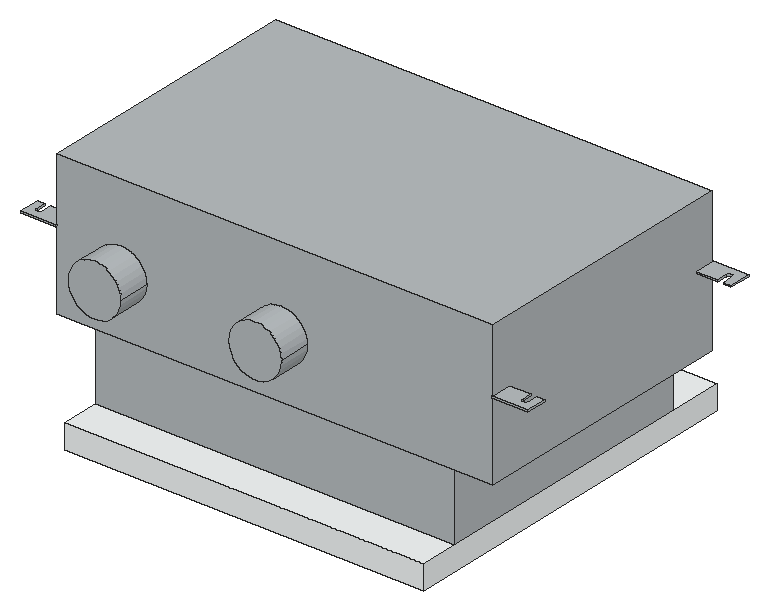
Revit family "lgh-n15_50cx3(d)_cs3(d)_60Hz", category 機械設備, Revit 2019
Family settings
  丸型コネクタ寸法 = 直径を使用
  パーツ タイプ = 標準
  OmniClass 番号 = 23.75.10.34.21
  OmniClass タイトル = Heat Exchangers for Ventilation Air
  作業面ベース = いいえ
  常に垂直 = はい
  ロード時にボイドで切り取り = いいえ
  共有 = いいえ
  部屋計算ポイント = はい
Parameters (values of type "LGH-N15CS3")
  騒音レベル(dB(A)) = 29
  風量 = 150.0 m³/h
  面風速 = 5.31 m/s
  電源種別 [instance] = "一般"
  電圧 = 100 V
  電動機出力 = 0 W
  集中コントローラ = ""
  運転質量 = 0.00 kg
  連動 [instance] = ""
  質量 = if(製品質量 > 運転質量, 製品質量, 運転質量) * 1.2  # 21.60 kg
  負荷分類 = 3_ファン類
  説明 = "業務用ロスナイ 天井カセット形"
  設計風量 = 0.0 m³/h
  設置方法 = "カセット形"
  記号 [instance] = ""
  製造元 = "三菱電機株式会社"
  製品質量 = 18.00 kg
  製品出荷対象 = "国内"
  製品リリース年月 = "2023/3/14"
  製品グループ = ""
  系統 [instance] = ""
  符号 = "HEU"
  積算_科目 = "1 空気調和設備"
  積算_拾い区分 [instance] = ""
  相 = 1
  盤記号 [instance] = ""
  発停方法 [instance] = "別売リモコン"
  特殊仕様 [instance] = ""
  火災停止 [instance] = ""
  温度交換効率 = 73.00%
  消費電力 = 80 W
  法定耐用年数 = "15"
  機外静圧_排気 = 80.0 Pa
  機外静圧 = 80.0 Pa
  構成部品 = "インテリアパネル"
  極数 = 1
  材質 [instance] = ""
  本体マテリアル = 溶融亜鉛めっき鋼板
  操作・制御方式 = ""
  操作・制御スイッチ = ""
  排気量 = 0.0 m³/h
  形式 = "カセット形"
  幹線記号 [instance] = ""
  対象室 [instance] = ""
  実風量 = 0.0 m³/h
  始動方式 [instance] = "直入"
  天吊金具ピッチ2 = 475 mm
  天吊金具ピッチ1 = 908 mm
  天吊金具_高さ = 118 mm
  天吊金具_径 = 5.5 mm
  天吊金具_幅 = 20 mm
  外気量 = 0.0 m³/h
  呼称 = "全熱交換ユニット"
  周波数 = 60 Hz
  参照している仕様書等のバージョン = ""
  初期抵抗 = 0.0 Pa
  分類コード = "50052504100080"
  分類グループ = ""
  価格 = 175000
  企業コード = "108420"
  付属品_フィルター_還気 = ""
  付属品_フィルター = ""
  付属品 [instance] = ""
  仕様書バージョン = "Version1.0"
  モデル = "LGH-N15CS3"
  パネルマテリアル = 樹脂成形
  ドレン管径 = 20 mm
  コメント [instance] = ""
  Keynote = ""
  エンタルピ交換効率_暖房 = 70.00%
  エンタルピ交換効率_冷房 = 64.00%
  SMAX風量 = 0.0 m³/h
  SMAX静圧 = 0.0 Pa
  Panel_Width = 670 mm
  Panel_Height = 45 mm
  Panel_Depth = 685 mm
  高さ調整可能範囲 = 125 mm
  Assembly Code = ""
  Width = 814 mm
  Version = ""
  Uniclass2015Version = "Systems v1.9"
  Uniclass2015Title = "Thermal wheels"
  Uniclass2015Code = "Pr_60_60_36_88"
  URL = "https://www.mitsubishielectric.co.jp/ldg/wink/qr/002/324107/"
  SpecificationReference = ""
  SpecificationDescription = ""
  Revision = ""
  ProductInformation = ""
  Panel_D = 103 mm
  OmniClassCode = "23-27 23 19 11"
  OAサイズ_W = 0 mm
  OAサイズ_D = 97.5 mm
  MIN風量 = 50.0 m³/h
  MIN静圧 = 9.0 Pa
  MID風量 = 75.0 m³/h
  MID静圧 = 20.0 Pa
  MAX風量 = 150.0 m³/h
  MAX静圧 = 80.0 Pa
  IfcTypeProduct = ""
  IfcProduct = ""
  IfcExportType = "ROTARYWHEEL"
  IfcExportAs = "IfcAirToAirHeatRecoveryType"
  Height = 268 mm
  EAサイズ_W = 0 mm
  EAサイズ_D = 97.5 mm
  Duct_W = 396 mm
  Duct_Pitch = 300 mm
  Duct_Height_OA = 156 mm
  Duct_Height_EA = 160 mm
  Duct_Depth = 60 mm
  Depth = 510 mm
  Author = "三菱電機株式会社"
Types (16, lengths in mm): name | 騒音レベル(dB(A)) | 風量 | 面風速 | 電圧 | 質量 | 製品質量 | 温度交換効率 | 消費電力 | 機外静圧_排気 | 機外静圧 | 天吊金具ピッチ2 | 天吊金具ピッチ1 | 天吊金具_高さ | 価格 | モデル | エンタルピ交換効率_暖房 | エンタルピ交換効率_冷房 | SMAX風量 | SMAX静圧 | Panel_Width | Panel_Depth | Width | URL | Panel_D | OAサイズ_D | MIN風量 | MIN静圧 | MID風量 | MID静圧 | MAX風量 | MAX静圧 | Height | EAサイズ_D | Duct_W | Duct_Pitch | Duct_Height_OA | Duct_Depth | Depth
  LGH-N15CX3 | 29 | 150.0 m³/h | 5.31 m/s | 100 V | 21.60 kg | 18.00 kg | 73.00% | 80 W | 80.0 Pa | 80.0 Pa | 475 | 908 | 118 | 242000 | "LGH-N15CX3" | 70.00% | 64.00% | 0.0 m³/h | 0.0 Pa | 670 | 685 | 814 | "https://www.mitsubishielectric.co.jp/ldg/wink/qr/002/324104/" | 103 | 97.5 | 50.0 m³/h | 9.0 Pa | 75.0 m³/h | 20.0 Pa | 150.0 m³/h | 80.0 Pa | 268 | 97.5 | 396 | 300 | 156 | 60 | 510
  LGH-N15CX3D | 29 | 150.0 m³/h | 5.31 m/s | 200 V | 21.60 kg | 18.00 kg | 73.00% | 80 W | 80.0 Pa | 80.0 Pa | 475 | 908 | 118 | 242000 | "LGH-N15CX3D" | 70.00% | 64.00% | 0.0 m³/h | 0.0 Pa | 670 | 685 | 814 | "https://www.mitsubishielectric.co.jp/ldg/wink/qr/002/324103/" | 103 | 97.5 | 45.0 m³/h | 7.0 Pa | 90.0 m³/h | 29.0 Pa | 150.0 m³/h | 80.0 Pa | 268 | 97.5 | 396 | 300 | 156 | 60 | 510
  LGH-N15CS3 | 29 | 150.0 m³/h | 5.31 m/s | 100 V | 21.60 kg | 18.00 kg | 73.00% | 80 W | 80.0 Pa | 80.0 Pa | 475 | 908 | 118 | 175000 | "LGH-N15CS3" | 70.00% | 64.00% | 0.0 m³/h | 0.0 Pa | 670 | 685 | 814 | "https://www.mitsubishielectric.co.jp/ldg/wink/qr/002/324107/" | 103 | 97.5 | 50.0 m³/h | 9.0 Pa | 75.0 m³/h | 20.0 Pa | 150.0 m³/h | 80.0 Pa | 268 | 97.5 | 396 | 300 | 156 | 60 | 510
  LGH-N15CS3D | 29 | 150.0 m³/h | 5.31 m/s | 200 V | 21.60 kg | 18.00 kg | 73.00% | 80 W | 80.0 Pa | 80.0 Pa | 475 | 908 | 118 | 175000 | "LGH-N15CS3D" | 70.00% | 64.00% | 0.0 m³/h | 0.0 Pa | 670 | 685 | 814 | "https://www.mitsubishielectric.co.jp/ldg/wink/qr/002/324105/" | 103 | 97.5 | 45.0 m³/h | 7.0 Pa | 90.0 m³/h | 29.0 Pa | 150.0 m³/h | 80.0 Pa | 268 | 97.5 | 396 | 300 | 156 | 60 | 510
  LGH-N25CX3 | 32 | 250.0 m³/h | 3.93 m/s | 100 V | 21.60 kg | 18.00 kg | 70.50% | 128 W | 80.0 Pa | 80.0 Pa | 475 | 908 | 118 | 259000 | "LGH-N25CX3" | 69.00% | 61.50% | 0.0 m³/h | 0.0 Pa | 670 | 685 | 814 | "https://www.mitsubishielectric.co.jp/ldg/wink/qr/002/324100/" | 103 | 142 | 100.0 m³/h | 13.0 Pa | 125.0 m³/h | 20.0 Pa | 250.0 m³/h | 80.0 Pa | 268 | 142 | 396 | 300 | 156 | 70 | 510
  LGH-N25CX3D | 32 | 250.0 m³/h | 3.93 m/s | 200 V | 21.60 kg | 18.00 kg | 70.50% | 127 W | 80.0 Pa | 80.0 Pa | 475 | 908 | 118 | 259000 | "LGH-N25CX3D" | 69.00% | 61.50% | 0.0 m³/h | 0.0 Pa | 670 | 685 | 814 | "https://www.mitsubishielectric.co.jp/ldg/wink/qr/002/324099/" | 103 | 142 | 90.0 m³/h | 10.0 Pa | 120.0 m³/h | 18.0 Pa | 250.0 m³/h | 80.0 Pa | 268 | 142 | 396 | 300 | 156 | 70 | 510
  LGH-N25CS3 | 32 | 250.0 m³/h | 3.93 m/s | 100 V | 21.60 kg | 18.00 kg | 70.50% | 128 W | 80.0 Pa | 80.0 Pa | 475 | 908 | 118 | 190000 | "LGH-N25CS3" | 69.00% | 61.50% | 0.0 m³/h | 0.0 Pa | 670 | 685 | 814 | "https://www.mitsubishielectric.co.jp/ldg/wink/qr/002/324102/" | 103 | 142 | 100.0 m³/h | 13.0 Pa | 125.0 m³/h | 20.0 Pa | 250.0 m³/h | 80.0 Pa | 268 | 142 | 396 | 300 | 156 | 70 | 510
  LGH-N25CS3D | 32 | 250.0 m³/h | 3.93 m/s | 200 V | 21.60 kg | 18.00 kg | 70.50% | 127 W | 80.0 Pa | 80.0 Pa | 475 | 908 | 118 | 190000 | "LGH-N25CS3D" | 69.00% | 61.50% | 0.0 m³/h | 0.0 Pa | 670 | 685 | 814 | "https://www.mitsubishielectric.co.jp/ldg/wink/qr/002/324101/" | 103 | 142 | 90.0 m³/h | 10.0 Pa | 120.0 m³/h | 18.0 Pa | 250.0 m³/h | 80.0 Pa | 268 | 142 | 396 | 300 | 156 | 70 | 510
  LGH-N35CX3 | 33 | 350.0 m³/h | 5.5 m/s | 100 V | 33.60 kg | 28.00 kg | 73.50% | 185 W | 105.0 Pa | 105.0 Pa | 540 | 1294 | 168 | 284000 | "LGH-N35CX3" | 71.00% | 64.50% | 350.0 m³/h | 105.0 Pa | 770 | 770 | 1202 | "https://www.mitsubishielectric.co.jp/ldg/wink/qr/002/324096/" | 107 | 142 | 130.0 m³/h | 1.0 Pa | 200.0 m³/h | 2.0 Pa | 350.0 m³/h | 5.0 Pa | 330 | 142 | 611 | 450 | 185 | 70 | 577
  LGH-N35CX3D | 33 | 350.0 m³/h | 5.5 m/s | 200 V | 33.60 kg | 28.00 kg | 73.50% | 185 W | 105.0 Pa | 105.0 Pa | 540 | 1294 | 168 | 284000 | "LGH-N35CX3D" | 71.00% | 64.50% | 350.0 m³/h | 105.0 Pa | 770 | 770 | 1202 | "https://www.mitsubishielectric.co.jp/ldg/wink/qr/002/324095/" | 107 | 142 | 130.0 m³/h | 1.0 Pa | 215.0 m³/h | 2.0 Pa | 350.0 m³/h | 5.0 Pa | 330 | 142 | 611 | 450 | 185 | 70 | 577
  LGH-N35CS3 | 33 | 350.0 m³/h | 5.5 m/s | 100 V | 33.60 kg | 28.00 kg | 73.50% | 185 W | 105.0 Pa | 105.0 Pa | 540 | 1294 | 168 | 206000 | "LGH-N35CS3" | 71.00% | 64.50% | 350.0 m³/h | 105.0 Pa | 770 | 770 | 1202 | "https://www.mitsubishielectric.co.jp/ldg/wink/qr/002/324098/" | 107 | 142 | 130.0 m³/h | 1.0 Pa | 200.0 m³/h | 2.0 Pa | 350.0 m³/h | 5.0 Pa | 330 | 142 | 611 | 450 | 185 | 70 | 577
  LGH-N35CS3D | 33 | 350.0 m³/h | 5.5 m/s | 200 V | 33.60 kg | 28.00 kg | 73.50% | 185 W | 105.0 Pa | 105.0 Pa | 540 | 1294 | 168 | 206000 | "LGH-N35CS3D" | 71.00% | 64.50% | 350.0 m³/h | 105.0 Pa | 770 | 770 | 1202 | "https://www.mitsubishielectric.co.jp/ldg/wink/qr/002/324097/" | 107 | 142 | 130.0 m³/h | 1.0 Pa | 215.0 m³/h | 2.0 Pa | 350.0 m³/h | 5.0 Pa | 330 | 142 | 611 | 450 | 185 | 70 | 577
  LGH-N50CX3 | 36 | 500.0 m³/h | 4.42 m/s | 100 V | 34.80 kg | 29.00 kg | 69.00% | 249 W | 110.0 Pa | 110.0 Pa | 540 | 1294 | 168 | 312000 | "LGH-N50CX3" | 67.00% | 60.50% | 500.0 m³/h | 110.0 Pa | 770 | 770 | 1202 | "https://www.mitsubishielectric.co.jp/ldg/wink/qr/002/324092/" | 107 | 192 | 190.0 m³/h | 1.0 Pa | 310.0 m³/h | 4.0 Pa | 500.0 m³/h | 10.0 Pa | 330 | 192 | 461 | 600 | 185 | 86 | 577
  LGH-N50CX3D | 36 | 500.0 m³/h | 4.42 m/s | 200 V | 34.80 kg | 29.00 kg | 69.00% | 268 W | 110.0 Pa | 110.0 Pa | 540 | 1294 | 168 | 312000 | "LGH-N50CX3D" | 67.00% | 60.50% | 500.0 m³/h | 110.0 Pa | 770 | 770 | 1202 | "https://www.mitsubishielectric.co.jp/ldg/wink/qr/002/324106/" | 107 | 192 | 190.0 m³/h | 1.0 Pa | 330.0 m³/h | 4.0 Pa | 500.0 m³/h | 10.0 Pa | 330 | 192 | 461 | 600 | 185 | 86 | 577
  LGH-N50CS3 | 36 | 500.0 m³/h | 4.42 m/s | 100 V | 34.80 kg | 29.00 kg | 69.00% | 249 W | 110.0 Pa | 110.0 Pa | 540 | 1294 | 168 | 226000 | "LGH-N50CS3" | 67.00% | 60.50% | 500.0 m³/h | 110.0 Pa | 770 | 770 | 1202 | "https://www.mitsubishielectric.co.jp/ldg/wink/qr/002/324094/" | 107 | 192 | 190.0 m³/h | 1.0 Pa | 310.0 m³/h | 4.0 Pa | 500.0 m³/h | 10.0 Pa | 330 | 192 | 461 | 600 | 185 | 86 | 577
  LGH-N50CS3D | 36 | 500.0 m³/h | 4.42 m/s | 200 V | 34.80 kg | 29.00 kg | 69.00% | 268 W | 110.0 Pa | 110.0 Pa | 540 | 1294 | 168 | 226000 | "LGH-N50CS3D" | 67.00% | 60.50% | 500.0 m³/h | 110.0 Pa | 770 | 770 | 1202 | "https://www.mitsubishielectric.co.jp/ldg/wink/qr/002/324093/" | 107 | 192 | 190.0 m³/h | 1.0 Pa | 330.0 m³/h | 4.0 Pa | 500.0 m³/h | 10.0 Pa | 330 | 192 | 461 | 600 | 185 | 86 | 577
Reference planes
  plane 1 "中心(正面/背面)": y = 0
  plane 2: z = 0
  plane 3 "中心(左/右)": x = 0
  plane 4 "左": x = -407
  plane 5 "右": x = 407
  plane 6 "背面": y = 255
  plane 7 "正面": y = -255
  plane 8: z = 393
  plane 9: z = 125
  plane 10 "下": z = -45
  plane 11: x = -335
  plane 12: x = 335
  plane 13: y = 358
  plane 14: y = -327
  plane 15: z = 237
  plane 16: x = 11
  plane 17: x = -289
  plane 18: y = -315
  plane 19: x = 429.5
  plane 20: z = 233
  plane 21: x = -454
  plane 22: x = 454
  plane 23: y = 237.5
  plane 24: y = -237.5
  plane 25: x = -474
  plane 26: x = 474
  plane 27: y = -217.5
  plane 28: y = -257.5
  plane 29: y = 217.5
  plane 30: y = 257.5
  plane 31: z = 275
  plane 32: z = 272
Forms (mm)
  Extrusion 1, solid, material "樹脂成形" <- "パネルマテリアル"
    sketch origin (0, 0, 4000) x (0, 1, 0) y (-1, 0, 0)
      loop
        line (-327, 335) -> (-327, -335) -> (358, -335) -> (358, 335) -> (-327, 335)
    from -4000 to -4045
  Extrusion 2, solid, material "溶融亜鉛めっき鋼板" <- "本体マテリアル"
    sketch origin (0, 0, 4000) x (0, 1, 0) y (-1, 0, 0)
      loop
        line (-255, 335) -> (-255, -335) -> (255, -335) -> (255, 335) -> (-255, 335)
    from -4000 to -3875
  Extrusion 3, solid, material "溶融亜鉛めっき鋼板" <- "本体マテリアル"
    sketch origin (0, 0, 4000) x (0, 1, 0) y (-1, 0, 0)
      loop
        line (-255, 407) -> (-255, -407) -> (255, -407) -> (255, 407) -> (-255, 407)
    from -3875 to -3607
  Extrusion 4, solid, material "溶融亜鉛めっき鋼板" <- "本体マテリアル"
    sketch origin (0, 0, 0) x (1, 0, 0) y (0, 0, 1)
      loop
        circle (11, 237) r 48.75
    from 255 to 315
  Extrusion 5, solid, material "溶融亜鉛めっき鋼板" <- "本体マテリアル"
    sketch origin (0, 0, 0) x (1, 0, 0) y (0, 0, 1)
      loop
        circle (-289, 233) r 48.75
    from 255 to 315
  Extrusion 6, solid, material "溶融亜鉛めっき鋼板" <- "本体マテリアル"
    sketch origin (0, 0, 0) x (1, 0, 0) y (0, 1, 0)
      loop
        line (-474, -257.5) -> (-407, -257.5) -> (-407, -217.5) -> (-448.5, -217.5) -> (-448.5, -237.5)
        arc (-448.5, -237.5) -> (-454, -243) -> (-459.5, -237.5) r 5.5
        line (-459.5, -237.5) -> (-459.5, -217.5) -> (-474, -217.5) -> (-474, -257.5)
    from 272 to 275
  Extrusion 7, solid, material "溶融亜鉛めっき鋼板" <- "本体マテリアル"
    sketch origin (0, 0, 0) x (-1, 0, 0) y (0, -1, 0)
      loop
        line (-474, 257.5) -> (-474, 217.5) -> (-459.5, 217.5) -> (-459.5, 237.5)
        arc (-459.5, 237.5) -> (-454, 243) -> (-448.5, 237.5) r 5.5
        line (-448.5, 237.5) -> (-448.5, 217.5) -> (-407, 217.5) -> (-407, 257.5) -> (-474, 257.5)
    from 272 to 275
  Extrusion 8, solid, material "溶融亜鉛めっき鋼板" <- "本体マテリアル"
    sketch origin (0, 0, 0) x (1, 0, 0) y (0, 1, 0)
      loop
        line (-474, 257.5) -> (-474, 217.5) -> (-459.5, 217.5) -> (-459.5, 237.5)
        arc (-459.5, 237.5) -> (-454, 243) -> (-448.5, 237.5) r 5.5
        line (-448.5, 237.5) -> (-448.5, 217.5) -> (-407, 217.5) -> (-407, 257.5) -> (-474, 257.5)
    from 272 to 275
  Extrusion 9, solid, material "溶融亜鉛めっき鋼板" <- "本体マテリアル"
    sketch origin (0, 0, 0) x (-1, 0, 0) y (0, -1, 0)
      loop
        line (-474, -257.5) -> (-407, -257.5) -> (-407, -217.5) -> (-448.5, -217.5) -> (-448.5, -237.5)
        arc (-448.5, -237.5) -> (-454, -243) -> (-459.5, -237.5) r 5.5
        line (-459.5, -237.5) -> (-459.5, -217.5) -> (-474, -217.5) -> (-474, -257.5)
    from 272 to 275
Lines and regions (mm)
  Masking region 1, detail levels coarse+medium
    outline origin (0, 0, 0) x (1, 0, 0) y (0, 1, 0)
      loop
        line (-407, 255) -> (-407, -255) -> (407, -255) -> (407, 255) -> (-407, 255)
  symbolic lines, detail levels coarse+medium
    curve 1: line (0, 255, 0) -> (-407, 0, 0)
    curve 2: line (-407, 0, 0) -> (0, -255, 0)
    curve 3: line (0, -255, 0) -> (407, 0, 0)
    curve 4: line (407, 0, 0) -> (0, 255, 0)
Dimensions and locks
  "Depth": plane 7 "正面" to plane 6 "背面"
  "Width": plane 4 "左" to plane 5 "右"
  "Height": plane 8 to plane 9
  "高さ調整可能範囲": plane 9 to plane 2
  "Panel_Width": plane 11 to plane 12
  "Panel_Depth": plane 13 to plane 14
  "Panel_Height": plane 2 to plane 10 "下"
  equal spacing: plane 11, plane 3 "中心(左/右)", plane 12
  "Panel_D": plane 6 "背面" to plane 13
  equal spacing: plane 7 "正面", plane 1 "中心(正面/背面)", plane 6 "背面"
  "Duct_Pitch": plane 16 to plane 17
  "Duct_Height_OA": plane 8 to plane 15
  "Duct_Height_EA": plane 8 to plane 20
  equal spacing: plane 4 "左", plane 3 "中心(左/右)", plane 5 "右"
  "Duct_W": plane 5 "右" to plane 16
  "Duct_Depth": plane 18 to plane 7 "正面"
  equal spacing: plane 21, plane 3 "中心(左/右)", plane 22
  "天吊金具ピッチ1": plane 21 to plane 22
  equal spacing: plane 24, plane 1 "中心(正面/背面)", plane 23
  "天吊金具ピッチ2": plane 24 to plane 23
  locked: plane 25 to plane 21 at 20
  locked: plane 22 to plane 26 at 20
  equal spacing: plane 27, plane 24, plane 28
  "天吊金具_幅": plane 27 to plane 24
  equal spacing: plane 29, plane 23, plane 30
  "天吊金具_幅": plane 29 to plane 23
  "天吊金具_径": plane 21 to Extrusion 6 sketch curve
  "天吊金具_径": plane 22 to Extrusion 7 sketch curve
  "天吊金具_径": plane 21 to Extrusion 8 sketch curve
  "天吊金具_径": plane 22 to Extrusion 9 sketch curve
  "天吊金具_高さ": plane 8 to plane 31
  locked: plane 31 to plane 32 at 3
  "OAサイズ_D": diameter of Extrusion 4 sketch curve
  "EAサイズ_D": diameter of Extrusion 5 sketch curve
  "天吊金具_径": radius of Extrusion 6 sketch curve
  "天吊金具_径": radius of Extrusion 7 sketch curve
  "天吊金具_径": radius of Extrusion 8 sketch curve
  "天吊金具_径": radius of Extrusion 9 sketch curve
  aligned and locked: level to plane 2
  aligned and locked: Extrusion 2 to level
  aligned and locked: plane 9 to Extrusion 2
  aligned and locked: Extrusion 3 to plane 9
  aligned and locked: plane 8 to Extrusion 3
  aligned and locked: plane 11 to Extrusion 1
  aligned and locked: plane 12 to Extrusion 1
  aligned and locked: Extrusion 3 to plane 4 "左"
  aligned and locked: plane 5 "右" to Extrusion 3
  aligned and locked: plane 13 to Extrusion 1
  aligned and locked: plane 14 to Extrusion 1
  aligned and locked: plane 6 "背面" to Extrusion 3
  aligned and locked: Extrusion 1 to plane 10 "下"
  aligned and locked: plane 16 to Extrusion 4 sketch curve
  aligned and locked: plane 18 to Extrusion 4
  aligned and locked: Extrusion 4 to plane 7 "正面"
  aligned and locked: Masking region 1 to curve 2
  aligned and locked: Extrusion 5 to plane 7 "正面"
  aligned and locked: Extrusion 5 to Extrusion 4
  aligned and locked: Extrusion 2 to plane 6 "背面"
  aligned and locked: plane 5 "右" to curve 4
  aligned and locked: plane 1 "中心(正面/背面)" to curve 1
  aligned and locked: nested 1 to plane 22
  aligned and locked: plane 21 to nested 1
  aligned and locked: plane 23 to nested 1
  aligned and locked: plane 24 to nested 1
  aligned and locked: plane 25 to Extrusion 6 sketch curve
  aligned and locked: Extrusion 6 sketch curve to plane 28
  aligned and locked: Extrusion 6 sketch curve to plane 4 "左"
  aligned and locked: plane 24 to Extrusion 6 sketch curve
  aligned and locked: plane 27 to Extrusion 6 sketch curve
  aligned and locked: Extrusion 6 sketch curve to plane 27
  aligned and locked: Extrusion 7 sketch curve to plane 26
  aligned and locked: plane 28 to Extrusion 7 sketch curve
  aligned and locked: Extrusion 7 sketch curve to plane 5 "右"
  aligned and locked: plane 27 to Extrusion 7 sketch curve
  aligned and locked: Extrusion 7 sketch curve to plane 27
  aligned and locked: plane 4 "左" to Extrusion 8 sketch curve
  aligned and locked: plane 30 to Extrusion 8 sketch curve
  aligned and locked: Extrusion 8 sketch curve to plane 25
  aligned and locked: Extrusion 8 sketch curve to plane 29
  aligned and locked: plane 29 to Extrusion 8 sketch curve
  aligned and locked: plane 26 to Extrusion 9 sketch curve
  aligned and locked: Extrusion 9 sketch curve to plane 30
  aligned and locked: Extrusion 9 sketch curve to plane 29
  aligned and locked: plane 29 to Extrusion 9 sketch curve
  aligned and locked: plane 5 "右" to Extrusion 9 sketch curve
  aligned and locked: plane 31 to Extrusion 7
  aligned and locked: plane 32 to Extrusion 7
  aligned and locked: Extrusion 7 to Extrusion 6
  aligned and locked: plane 32 to Extrusion 6
  aligned and locked: plane 31 to Extrusion 8
  aligned and locked: plane 32 to Extrusion 8
  aligned and locked: plane 31 to Extrusion 9
  aligned and locked: plane 32 to Extrusion 9
  aligned and locked: plane 7 "正面" to Extrusion 2
  aligned and locked: Extrusion 2 to plane 11
  aligned and locked: Extrusion 2 to plane 12
Automatic sketch dimensions
  curve 2 to plane 3 "中心(左/右)" = 0 mm
  curve 4 to plane 3 "中心(左/右)" = 0 mm
  plane 7 "正面" to curve 2 = 0 mm
  plane 1 "中心(正面/背面)" to curve 3 = 0 mm
  plane 6 "背面" to curve 4 = 0 mm
  Masking region 1 sketch curve to plane 4 "左" = 0 mm
  Masking region 1 sketch curve to plane 5 "右" = 0 mm
  plane 7 "正面" to Masking region 1 sketch curve = 0 mm
  plane 6 "背面" to Masking region 1 sketch curve = 0 mm
  Extrusion 1 sketch curve to plane 12 = 0 mm
  Extrusion 1 sketch curve to plane 14 = 0 mm
  Extrusion 1 sketch curve to plane 11 = 0 mm
  plane 13 to Extrusion 1 sketch curve = 0 mm
  Extrusion 2 sketch curve to plane 5 "右" = 72 mm
  plane 14 to Extrusion 2 sketch curve = 72 mm
  plane 4 "左" to Extrusion 2 sketch curve = 72 mm
  plane 6 "背面" to Extrusion 2 sketch curve = 0 mm
  Extrusion 3 sketch curve to plane 5 "右" = 0 mm
  plane 7 "正面" to Extrusion 3 sketch curve = 0 mm
  Extrusion 3 sketch curve to plane 4 "左" = 0 mm
  plane 6 "背面" to Extrusion 3 sketch curve = 0 mm
  Extrusion 4 sketch curve to plane 15 = 0 mm
  Extrusion 5 sketch curve to plane 17 = 0 mm
  Extrusion 5 sketch curve to plane 20 = 0 mm
  plane 24 to Extrusion 7 sketch curve = 0 mm
  Extrusion 8 sketch curve to plane 23 = 0 mm
  Extrusion 9 sketch curve to plane 23 = 0 mm
Nested families
  nested 1: "固定点" at (-454, -237.5, 0), type "固定点"
    with W 908 mm, D 475 mm
Connectors
  hvac at (11, -315, 237), driven by "OAサイズ_D", driven by "機外静圧", driven by "風量"
    settings: on Extrusion 4, index 4, duct flow 150.0 m³/h, flow factor 0, pres drop 80.0 Pa, loss coef 0, conn angle 0.00°, conn width 304.8 mm, conn height 304.8 mm, conn diameter 97.5 mm, duct sys type 4, conn prof type 0, flow config 0, flow direction 1, loss method 4, conn ref index -1, conn util no, is conn primary no, conn desc ""
  hvac at (-289, -315, 233), driven by "EAサイズ_D", driven by "機外静圧_排気", driven by "排気量"
    settings: on Extrusion 5, index 6, duct flow 0.0 m³/h, flow factor 0, pres drop 80.0 Pa, loss coef 0, conn angle 0.00°, conn width 304.8 mm, conn height 304.8 mm, conn diameter 97.5 mm, duct sys type 3, conn prof type 0, flow config 0, flow direction 2, loss method 4, conn ref index -1, conn util no, is conn primary yes, conn desc ""
  electrical at (0, 255, 259), driven by "負荷分類", driven by "極数", driven by "電圧", driven by "消費電力"
    settings: on Extrusion 3, index 7, voltage 100 V, apparent load 80 VA, apparent load phase1 0 VA, apparent load phase2 0 VA, apparent load phase3 0 VA, power factor 1, load classification "3_ファン類", number of poles 1, system type 30, power factor state 1, is connector primary yes, connector utility no, sub classification motor no, connector description ""
Definition of nested family "固定点"
  Parameters (values of type "固定点")
    中心円 = 20 mm
    W [instance] = 1000 mm
    D [instance] = 1000 mm
  Reference planes
    plane 1 "中心(正面/背面)": y = 0
    plane 2: z = 0
    plane 3 "中心(左/右)": x = 0
    plane 4: x = 1000
    plane 5: y = 1000
  Lines and regions (mm)
    symbolic lines, detail levels fine
      curve 1: circle (0, 1000, 0) r 10 normal (0, 0, 1)
      curve 2: circle (0, 0, 0) r 10 normal (0, 0, 1)
      curve 3: circle (1000, 1000, 0) r 10 normal (0, 0, 1)
      curve 4: circle (1000, 0, 0) r 10 normal (0, 0, 1)
      curve 5: line (-200, 1000, 0) -> (1200, 1000, 0)
      curve 6: line (-200, 0, 0) -> (1200, 0, 0)
      curve 7: line (0, 1200, 0) -> (0, -200, 0)
      curve 8: line (1000, 1200, 0) -> (1000, -200, 0)
  Dimensions and locks
    "W": plane 3 "中心(左/右)" to plane 4
    "D": plane 1 "中心(正面/背面)" to plane 5
    "中心円": diameter of curve 1
    "中心円": diameter of curve 2
    "中心円": diameter of curve 3
    "中心円": diameter of curve 4
    aligned and locked: level to plane 2
    aligned and locked: plane 5 to curve 1
    aligned and locked: plane 3 "中心(左/右)" to curve 1
    aligned and locked: plane 3 "中心(左/右)" to curve 2
    aligned and locked: plane 1 "中心(正面/背面)" to curve 2
    aligned and locked: plane 4 to curve 3
    aligned and locked: plane 5 to curve 3
    aligned and locked: plane 1 "中心(正面/背面)" to curve 4
    aligned and locked: plane 4 to curve 4
    aligned and locked: plane 1 "中心(正面/背面)" to curve 6
    aligned and locked: curve 7 to plane 3 "中心(左/右)"
    aligned and locked: curve 8 to plane 4
  Automatic sketch dimensions
    curve 5 to plane 5 = 0 mm
    curve 6 to plane 3 "中心(左/右)" = 200 mm
    curve 5 to plane 3 "中心(左/右)" = 200 mm
    curve 4 to curve 6 = 200 mm
    curve 3 to curve 5 = 200 mm
    plane 1 "中心(正面/背面)" to curve 8 = 200 mm
    plane 1 "中心(正面/背面)" to curve 7 = 200 mm
    curve 3 to curve 8 = 200 mm
    curve 1 to curve 7 = 200 mm
